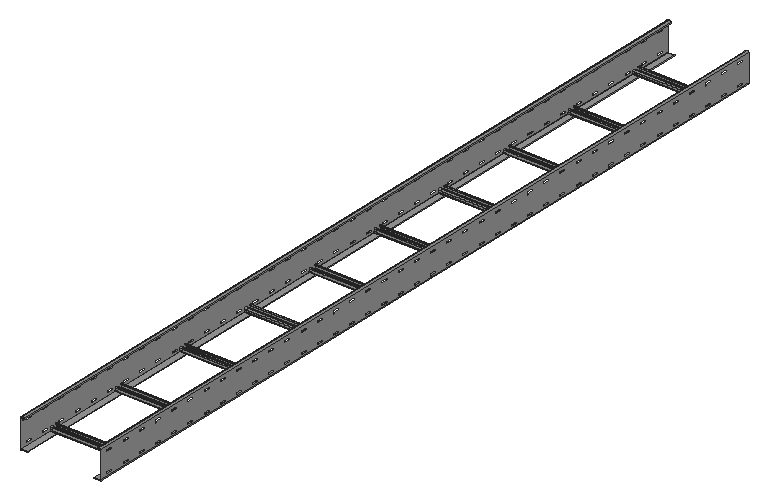
Revit family "Kabelleiter LG 113 VS 3 FT", category Generic Models, Revit 2017
Family settings
  Can host rebar = No
  Round Connector Dimension = Use Diameter
  Part Type = Normal
  Work Plane-Based = No
  Always vertical = Yes
  Cut with Voids When Loaded = No
  Shared = No
  Room Calculation Point = No
Parameters (values of type "LG 113 VS 3 FT")
  Width 1 = Width / 2  # 150 mm
  Width = 300 mm
  URL = "http://www.obo-bettermann.com"
  Material = Hot dip galvanised
  Manufacturer Art.No. = "6216426"
  Manufacturer = "OBO BETTERMANN"
  Length = 3000 mm
  GTIN = "4012195065227"
  Cut's space = 300 mm
  Cut's number 4 = 5
  Cut's number 3 = 40
  Cut's number 2 = 2
  Cut's number = 10
  Article Type = "LG 113 VS 3 FT"
Reference planes
  plane 1 "Center (Front/Back)": y = 0
  plane 2: z = 0
  plane 3 "Center (Left/Right)": x = 0
  plane 4: x = 300
  plane 5: z = 110
  plane 6: z = 104
  plane 7: z = 104
  plane 8: x = 300
  plane 9: x = 150
  plane 10: y = 3000
  plane 11: y = 150
  plane 12: x = 1.375
  plane 13: x = 298.406
  plane 14: y = 450
  plane 15: y = 750
  plane 16: y = 1050
  plane 17: y = 1350
  plane 18: y = 1950
  plane 19: y = 2250
  plane 20: y = 2550
  plane 21: y = 2850
  plane 22: y = 37.5
  plane 23: z = 14
  plane 24: y = 37.5
  plane 25: z = 89
  plane 26: y = 112.5
  plane 27: z = 14
  plane 28: y = 112.5
  plane 29: z = 89
  plane 30: y = 187.5
  plane 31: z = 14
  plane 32: y = 187.5
  plane 33: z = 89
  plane 34: y = 262.5
  plane 35: z = 14
  plane 36: y = 262.5
  plane 37: z = 89
  plane 38: y = 337.5
  plane 39: z = 14
  plane 40: y = 337.5
  plane 41: z = 89
  plane 42: y = 412.5
  plane 43: z = 14
  plane 44: y = 412.5
  plane 45: z = 89
  plane 46: y = 487.5
  plane 47: z = 14
  plane 48: y = 487.5
  plane 49: z = 89
  plane 50: y = 562.5
  plane 51: z = 14
  plane 52: y = 562.5
  plane 53: z = 89
  plane 54: y = 637.5
  plane 55: z = 14
  plane 56: y = 637.5
  plane 57: z = 89
  plane 58: y = 712.5
  plane 59: z = 14
  plane 60: y = 712.5
  plane 61: z = 89
  plane 62: y = 787.5
  plane 63: z = 14
  plane 64: y = 787.5
  plane 65: z = 89
  plane 66: y = 862.5
  plane 67: z = 14
  plane 68: y = 862.5
  plane 69: z = 89
  plane 70: y = 937.5
  plane 71: z = 14
  plane 72: y = 937.5
  plane 73: z = 89
  plane 74: y = 1012.5
  plane 75: z = 14
  plane 76: y = 1012.5
  plane 77: z = 89
  plane 78: y = 1087.5
  plane 79: z = 14
  plane 80: y = 1087.5
  plane 81: z = 89
  plane 82: y = 1162.5
  plane 83: z = 14
  plane 84: y = 1162.5
  plane 85: z = 89
  plane 86: y = 1237.5
  plane 87: z = 14
  plane 88: y = 1237.5
  plane 89: z = 89
  plane 90: y = 1312.5
  plane 91: z = 14
  plane 92: y = 1312.5
  plane 93: z = 89
  plane 94: y = 1387.5
  plane 95: z = 14
  plane 96: y = 1387.5
  plane 97: z = 89
  plane 98: y = 1462.5
  plane 99: z = 14
  plane 100: y = 1462.5
  plane 101: z = 89
  plane 102: y = 1537.5
  plane 103: z = 14
  plane 104: y = 1537.5
  plane 105: z = 89
  plane 106: y = 1612.5
  plane 107: z = 14
  plane 108: y = 1612.5
  plane 109: z = 89
  plane 110: y = 1687.5
  plane 111: z = 14
  plane 112: y = 1687.5
  plane 113: z = 89
  plane 114: y = 1762.5
  plane 115: z = 14
  plane 116: y = 1762.5
  plane 117: z = 89
  plane 118: y = 1837.5
  plane 119: z = 14
  plane 120: y = 1837.5
  plane 121: z = 89
  plane 122: y = 1912.5
  plane 123: z = 14
  plane 124: y = 1912.5
  plane 125: z = 89
  plane 126: y = 1987.5
  plane 127: z = 14
  plane 128: y = 1987.5
  plane 129: z = 89
  plane 130: y = 2062.5
  plane 131: z = 14
  plane 132: y = 2062.5
  plane 133: z = 89
  plane 134: y = 2137.5
  plane 135: z = 14
  plane 136: y = 2137.5
  plane 137: z = 89
  plane 138: y = 2212.5
  plane 139: z = 14
  plane 140: y = 2212.5
  plane 141: z = 89
  plane 142: y = 2287.5
  plane 143: z = 14
  plane 144: y = 2287.5
  plane 145: z = 89
  plane 146: y = 2362.5
  plane 147: z = 14
  plane 148: y = 2362.5
  plane 149: z = 89
  plane 150: y = 2437.5
  plane 151: z = 14
  plane 152: y = 2437.5
  plane 153: z = 89
  plane 154: y = 2512.5
  plane 155: z = 14
  plane 156: y = 2512.5
  plane 157: z = 89
  plane 158: y = 2587.5
  plane 159: z = 14
  plane 160: y = 2587.5
  plane 161: z = 89
  plane 162: y = 2662.5
  plane 163: z = 14
  plane 164: y = 2662.5
  plane 165: z = 89
  plane 166: y = 2737.5
  plane 167: z = 14
  plane 168: y = 2737.5
  plane 169: z = 89
  plane 170: y = 2812.5
  plane 171: z = 14
  plane 172: y = 2812.5
  plane 173: z = 89
  plane 174: y = 2887.5
  plane 175: z = 14
  plane 176: y = 2887.5
  plane 177: z = 89
  plane 178: y = 2962.5
  plane 179: z = 14
  plane 180: y = 2962.5
  plane 181: z = 89
  plane 182: z = 14
  plane 183: y = 37.5
  plane 184: z = 89
  plane 185: y = 37.5
  plane 186: z = 14
  plane 187: y = 112.5
  plane 188: z = 89
  plane 189: y = 112.5
  plane 190: z = 14
  plane 191: y = 187.5
  plane 192: z = 89
  plane 193: y = 187.5
  plane 194: z = 14
  plane 195: y = 262.5
  plane 196: z = 89
  plane 197: y = 262.5
  plane 198: z = 14
  plane 199: y = 337.5
  plane 200: z = 89
  plane 201: y = 337.5
  plane 202: z = 14
  plane 203: y = 412.5
  plane 204: z = 89
  plane 205: y = 412.5
  plane 206: z = 14
  plane 207: y = 487.5
  plane 208: z = 89
  plane 209: y = 487.5
  plane 210: z = 14
  plane 211: y = 562.5
  plane 212: z = 89
  plane 213: y = 562.5
  plane 214: z = 14
  plane 215: y = 637.5
  plane 216: z = 89
  plane 217: y = 637.5
  plane 218: z = 14
  plane 219: y = 712.5
  plane 220: z = 89
  plane 221: y = 712.5
  plane 222: z = 14
  plane 223: y = 787.5
  plane 224: z = 89
  plane 225: y = 787.5
  plane 226: z = 14
  plane 227: y = 862.5
  plane 228: z = 89
  plane 229: y = 862.5
  plane 230: z = 14
  plane 231: y = 937.5
  plane 232: z = 89
  plane 233: y = 937.5
  plane 234: z = 14
  plane 235: y = 1012.5
  plane 236: z = 89
  plane 237: y = 1012.5
  plane 238: z = 14
  plane 239: y = 1087.5
  plane 240: z = 89
  plane 241: y = 1087.5
  plane 242: z = 14
  plane 243: y = 1162.5
  plane 244: z = 89
  plane 245: y = 1162.5
  plane 246: z = 14
  plane 247: y = 1237.5
  plane 248: z = 89
  plane 249: y = 1237.5
  plane 250: z = 14
  plane 251: y = 1312.5
  plane 252: z = 89
  plane 253: y = 1312.5
  plane 254: z = 14
  plane 255: y = 1387.5
  plane 256: z = 89
  plane 257: y = 1387.5
  plane 258: z = 14
  plane 259: y = 1462.5
  plane 260: z = 89
  plane 261: y = 1462.5
  plane 262: z = 14
  plane 263: y = 1537.5
  plane 264: z = 89
  plane 265: y = 1537.5
  plane 266: z = 14
  plane 267: y = 1612.5
  plane 268: z = 89
  plane 269: y = 1612.5
  plane 270: z = 14
  plane 271: y = 1687.5
  plane 272: z = 89
  plane 273: y = 1687.5
  plane 274: z = 14
  plane 275: y = 1762.5
  plane 276: z = 89
  plane 277: y = 1762.5
  plane 278: z = 14
  plane 279: y = 1837.5
  plane 280: z = 89
  plane 281: y = 1837.5
  plane 282: z = 14
  plane 283: y = 1912.5
  plane 284: z = 89
  plane 285: y = 1912.5
  plane 286: z = 14
  plane 287: y = 1987.5
  plane 288: z = 89
  plane 289: y = 1987.5
  plane 290: z = 14
  plane 291: y = 2062.5
  plane 292: z = 89
  plane 293: y = 2062.5
  plane 294: z = 14
  plane 295: y = 2137.5
  plane 296: z = 89
  plane 297: y = 2137.5
  plane 298: z = 14
  plane 299: y = 2212.5
  plane 300: z = 89
  plane 301: y = 2212.5
  plane 302: z = 14
  plane 303: y = 2287.5
  plane 304: z = 89
  plane 305: y = 2287.5
  plane 306: z = 14
  plane 307: y = 2362.5
  plane 308: z = 89
  plane 309: y = 2362.5
  plane 310: z = 14
  plane 311: y = 2437.5
  plane 312: z = 89
  plane 313: y = 2437.5
  plane 314: z = 14
  plane 315: y = 2512.5
  plane 316: z = 89
  plane 317: y = 2512.5
  plane 318: z = 14
  plane 319: y = 2587.5
  plane 320: z = 89
  plane 321: y = 2587.5
  plane 322: z = 14
  plane 323: y = 2662.5
  plane 324: z = 89
  plane 325: y = 2662.5
  plane 326: z = 14
  plane 327: y = 2737.5
  plane 328: z = 89
  plane 329: y = 2737.5
  plane 330: z = 14
  plane 331: y = 2812.5
  plane 332: z = 89
  plane 333: y = 2812.5
  plane 334: z = 14
  plane 335: y = 2887.5
  plane 336: z = 89
  plane 337: y = 2887.5
  plane 338: z = 14
  plane 339: y = 2962.5
  plane 340: z = 89
  plane 341: y = 2962.5
  plane 342: y = 149.981
  plane 343: x = 48.875
  plane 344: y = 149.981
  plane 345: x = 98.875
  plane 346: y = 149.981
  plane 347: x = 148.875
  plane 348: y = 149.981
  plane 349: x = 198.875
  plane 350: y = 149.981
  plane 351: x = 248.875
  plane 352: y = 149.981
  plane 353: x = 48.875
  plane 354: y = 449.981
  plane 355: x = 48.875
  plane 356: y = 449.981
  plane 357: x = 98.875
  plane 358: y = 449.981
  plane 359: x = 148.875
  plane 360: y = 449.981
  plane 361: x = 198.875
  plane 362: y = 449.981
  plane 363: x = 248.875
  plane 364: y = 749.981
  plane 365: x = 48.875
  plane 366: y = 749.981
  plane 367: x = 98.875
  plane 368: y = 749.981
  plane 369: x = 148.875
  plane 370: y = 749.981
  plane 371: x = 198.875
  plane 372: y = 749.981
  plane 373: x = 248.875
  plane 374: y = 1049.981
  plane 375: x = 48.875
  plane 376: y = 1049.981
  plane 377: x = 98.875
  plane 378: y = 1049.981
  plane 379: x = 148.875
  plane 380: y = 1049.981
  plane 381: x = 198.875
  plane 382: y = 1049.981
  plane 383: x = 248.875
  plane 384: y = 1349.981
  plane 385: x = 48.875
  plane 386: y = 1349.981
  plane 387: x = 98.875
  plane 388: y = 1349.981
  plane 389: x = 148.875
  plane 390: y = 1349.981
  plane 391: x = 198.875
  plane 392: y = 1349.981
  plane 393: x = 248.875
  plane 394: y = 1949.981
  plane 395: x = 48.875
  plane 396: y = 1949.981
  plane 397: x = 98.875
  plane 398: y = 1949.981
  plane 399: x = 148.875
  plane 400: y = 1949.981
  plane 401: x = 198.875
  plane 402: y = 1949.981
  plane 403: x = 248.875
  plane 404: y = 2249.981
  plane 405: x = 48.875
  plane 406: y = 2249.981
  plane 407: x = 98.875
  plane 408: y = 2249.981
  plane 409: x = 148.875
  plane 410: y = 2249.981
  plane 411: x = 198.875
  plane 412: y = 2249.981
  plane 413: x = 248.875
  plane 414: y = 2549.981
  plane 415: x = 48.875
  plane 416: y = 2549.981
  plane 417: x = 98.875
  plane 418: y = 2549.981
  plane 419: x = 148.875
  plane 420: y = 2549.981
  plane 421: x = 198.875
  plane 422: y = 2549.981
  plane 423: x = 248.875
  plane 424: y = 2849.981
  plane 425: x = 48.875
  plane 426: y = 2849.981
  plane 427: x = 98.875
  plane 428: y = 2849.981
  plane 429: x = 148.875
  plane 430: y = 2849.981
  plane 431: x = 198.875
  plane 432: y = 2849.981
  plane 433: x = 248.875
  plane 434: y = 1650
  plane 435: y = 1649.981
  plane 436: x = 48.875
  plane 437: y = 1649.981
  plane 438: x = 98.875
  plane 439: y = 1649.981
  plane 440: x = 148.875
  plane 441: y = 1649.981
  plane 442: x = 198.875
  plane 443: y = 1649.981
  plane 444: x = 248.875
Forms (mm)
  Extrusion 1, solid, material "Hot dip galvanised" <- "Material"
    sketch origin (0, 0, 0) x (1, 0, 0) y (0, 0, 1)
      loop
        line (2.5, 0) -> (26.959, 0) -> (26.959, 1.5) -> (2.5, 1.5)
        arc (2.5, 1.5) -> (1.793, 1.793) -> (1.5, 2.5) r 1
        line (1.5, 2.5) -> (1.5, 104)
        arc (1.5, 104) -> (6, 108.5) -> (10.5, 104) r 4.5
        line (10.5, 104) -> (10.5, 101) -> (12, 101) -> (12, 104)
        arc (12, 104) -> (6, 110) -> (0, 104) r 6
        line (0, 104) -> (0, 2.5)
        arc (0, 2.5) -> (0.732, 0.732) -> (2.5, 0) r 2.5
      loop
        line (300, 2.5) -> (300, 104)
        arc (300, 104) -> (294, 110) -> (288, 104) r 6
        line (288, 104) -> (288, 101) -> (289.5, 101) -> (289.5, 104)
        arc (289.5, 104) -> (294, 108.5) -> (298.5, 104) r 4.5
        line (298.5, 104) -> (298.5, 2.5)
        arc (298.5, 2.5) -> (298.207, 1.793) -> (297.5, 1.5) r 1
        line (297.5, 1.5) -> (273, 1.5) -> (273, 0) -> (297.5, 0)
        arc (297.5, 0) -> (299.268, 0.732) -> (300, 2.5) r 2.5
    from 0 to -3000
  Extrusion 2, solid, material "Hot dip galvanised" <- "Material"
    sketch origin (0, 0, 0) x (0, 1, 0) y (0, 0, 1)
      loop
        line (150, 3) -> (138, 3)
        arc (138, 3) -> (136.939, 3.439) -> (136.5, 4.5) r 1.5
        line (136.5, 4.5) -> (136.5, 13.5)
        arc (136.5, 13.5) -> (136.939, 14.561) -> (138, 15) r 1.5
        line (138, 15) -> (141.522, 15) -> (141.522, 16.5) -> (138, 16.5)
        arc (138, 16.5) -> (135.879, 15.621) -> (135, 13.5) r 3
        line (135, 13.5) -> (135, 4.5)
        arc (135, 4.5) -> (135.879, 2.379) -> (138, 1.5) r 3
        line (138, 1.5) -> (150, 1.5) -> (162, 1.5)
        arc (162, 1.5) -> (164.121, 2.379) -> (165, 4.5) r 3
        line (165, 4.5) -> (165, 13.5)
        arc (165, 13.5) -> (164.121, 15.621) -> (162, 16.5) r 3
        line (162, 16.5) -> (158.481, 16.5) -> (158.481, 15) -> (162, 15)
        arc (162, 15) -> (163.061, 14.561) -> (163.5, 13.5) r 1.5
        line (163.5, 13.5) -> (163.5, 4.5)
        arc (163.5, 4.5) -> (163.061, 3.439) -> (162, 3) r 1.5
        line (162, 3) -> (150, 3)
    from 1.375 to 298.406
  Extrusion 3, solid, material "Hot dip galvanised" <- "Material"
    sketch origin (0, 300, 0) x (0, 1, 0) y (0, 0, 1)
      loop
        line (150, 3) -> (138, 3)
        arc (138, 3) -> (136.939, 3.439) -> (136.5, 4.5) r 1.5
        line (136.5, 4.5) -> (136.5, 13.5)
        arc (136.5, 13.5) -> (136.939, 14.561) -> (138, 15) r 1.5
        line (138, 15) -> (141.522, 15) -> (141.522, 16.5) -> (138, 16.5)
        arc (138, 16.5) -> (135.879, 15.621) -> (135, 13.5) r 3
        line (135, 13.5) -> (135, 4.5)
        arc (135, 4.5) -> (135.879, 2.379) -> (138, 1.5) r 3
        line (138, 1.5) -> (150, 1.5) -> (162, 1.5)
        arc (162, 1.5) -> (164.121, 2.379) -> (165, 4.5) r 3
        line (165, 4.5) -> (165, 13.5)
        arc (165, 13.5) -> (164.121, 15.621) -> (162, 16.5) r 3
        line (162, 16.5) -> (158.481, 16.5) -> (158.481, 15) -> (162, 15)
        arc (162, 15) -> (163.061, 14.561) -> (163.5, 13.5) r 1.5
        line (163.5, 13.5) -> (163.5, 4.5)
        arc (163.5, 4.5) -> (163.061, 3.439) -> (162, 3) r 1.5
        line (162, 3) -> (150, 3)
    from 1.375 to 298.406
  Extrusion 4, solid, material "Hot dip galvanised" <- "Material"
    sketch origin (0, 600, 0) x (0, 1, 0) y (0, 0, 1)
      loop
        line (150, 3) -> (138, 3)
        arc (138, 3) -> (136.939, 3.439) -> (136.5, 4.5) r 1.5
        line (136.5, 4.5) -> (136.5, 13.5)
        arc (136.5, 13.5) -> (136.939, 14.561) -> (138, 15) r 1.5
        line (138, 15) -> (141.522, 15) -> (141.522, 16.5) -> (138, 16.5)
        arc (138, 16.5) -> (135.879, 15.621) -> (135, 13.5) r 3
        line (135, 13.5) -> (135, 4.5)
        arc (135, 4.5) -> (135.879, 2.379) -> (138, 1.5) r 3
        line (138, 1.5) -> (150, 1.5) -> (162, 1.5)
        arc (162, 1.5) -> (164.121, 2.379) -> (165, 4.5) r 3
        line (165, 4.5) -> (165, 13.5)
        arc (165, 13.5) -> (164.121, 15.621) -> (162, 16.5) r 3
        line (162, 16.5) -> (158.481, 16.5) -> (158.481, 15) -> (162, 15)
        arc (162, 15) -> (163.061, 14.561) -> (163.5, 13.5) r 1.5
        line (163.5, 13.5) -> (163.5, 4.5)
        arc (163.5, 4.5) -> (163.061, 3.439) -> (162, 3) r 1.5
        line (162, 3) -> (150, 3)
    from 1.375 to 298.406
  Extrusion 5, solid, material "Hot dip galvanised" <- "Material"
    sketch origin (0, 900, 0) x (0, 1, 0) y (0, 0, 1)
      loop
        line (150, 3) -> (138, 3)
        arc (138, 3) -> (136.939, 3.439) -> (136.5, 4.5) r 1.5
        line (136.5, 4.5) -> (136.5, 13.5)
        arc (136.5, 13.5) -> (136.939, 14.561) -> (138, 15) r 1.5
        line (138, 15) -> (141.522, 15) -> (141.522, 16.5) -> (138, 16.5)
        arc (138, 16.5) -> (135.879, 15.621) -> (135, 13.5) r 3
        line (135, 13.5) -> (135, 4.5)
        arc (135, 4.5) -> (135.879, 2.379) -> (138, 1.5) r 3
        line (138, 1.5) -> (150, 1.5) -> (162, 1.5)
        arc (162, 1.5) -> (164.121, 2.379) -> (165, 4.5) r 3
        line (165, 4.5) -> (165, 13.5)
        arc (165, 13.5) -> (164.121, 15.621) -> (162, 16.5) r 3
        line (162, 16.5) -> (158.481, 16.5) -> (158.481, 15) -> (162, 15)
        arc (162, 15) -> (163.061, 14.561) -> (163.5, 13.5) r 1.5
        line (163.5, 13.5) -> (163.5, 4.5)
        arc (163.5, 4.5) -> (163.061, 3.439) -> (162, 3) r 1.5
        line (162, 3) -> (150, 3)
    from 1.375 to 298.406
  Extrusion 6, solid, material "Hot dip galvanised" <- "Material"
    sketch origin (0, 1200, 0) x (0, 1, 0) y (0, 0, 1)
      loop
        line (150, 3) -> (138, 3)
        arc (138, 3) -> (136.939, 3.439) -> (136.5, 4.5) r 1.5
        line (136.5, 4.5) -> (136.5, 13.5)
        arc (136.5, 13.5) -> (136.939, 14.561) -> (138, 15) r 1.5
        line (138, 15) -> (141.522, 15) -> (141.522, 16.5) -> (138, 16.5)
        arc (138, 16.5) -> (135.879, 15.621) -> (135, 13.5) r 3
        line (135, 13.5) -> (135, 4.5)
        arc (135, 4.5) -> (135.879, 2.379) -> (138, 1.5) r 3
        line (138, 1.5) -> (150, 1.5) -> (162, 1.5)
        arc (162, 1.5) -> (164.121, 2.379) -> (165, 4.5) r 3
        line (165, 4.5) -> (165, 13.5)
        arc (165, 13.5) -> (164.121, 15.621) -> (162, 16.5) r 3
        line (162, 16.5) -> (158.481, 16.5) -> (158.481, 15) -> (162, 15)
        arc (162, 15) -> (163.061, 14.561) -> (163.5, 13.5) r 1.5
        line (163.5, 13.5) -> (163.5, 4.5)
        arc (163.5, 4.5) -> (163.061, 3.439) -> (162, 3) r 1.5
        line (162, 3) -> (150, 3)
    from 1.375 to 298.406
  Extrusion 7, solid, material "Hot dip galvanised" <- "Material"
    sketch origin (0, 1800, 0) x (0, 1, 0) y (0, 0, 1)
      loop
        line (150, 3) -> (138, 3)
        arc (138, 3) -> (136.939, 3.439) -> (136.5, 4.5) r 1.5
        line (136.5, 4.5) -> (136.5, 13.5)
        arc (136.5, 13.5) -> (136.939, 14.561) -> (138, 15) r 1.5
        line (138, 15) -> (141.522, 15) -> (141.522, 16.5) -> (138, 16.5)
        arc (138, 16.5) -> (135.879, 15.621) -> (135, 13.5) r 3
        line (135, 13.5) -> (135, 4.5)
        arc (135, 4.5) -> (135.879, 2.379) -> (138, 1.5) r 3
        line (138, 1.5) -> (150, 1.5) -> (162, 1.5)
        arc (162, 1.5) -> (164.121, 2.379) -> (165, 4.5) r 3
        line (165, 4.5) -> (165, 13.5)
        arc (165, 13.5) -> (164.121, 15.621) -> (162, 16.5) r 3
        line (162, 16.5) -> (158.481, 16.5) -> (158.481, 15) -> (162, 15)
        arc (162, 15) -> (163.061, 14.561) -> (163.5, 13.5) r 1.5
        line (163.5, 13.5) -> (163.5, 4.5)
        arc (163.5, 4.5) -> (163.061, 3.439) -> (162, 3) r 1.5
        line (162, 3) -> (150, 3)
    from 1.375 to 298.406
  Extrusion 8, solid, material "Hot dip galvanised" <- "Material"
    sketch origin (0, 2100, 0) x (0, 1, 0) y (0, 0, 1)
      loop
        line (150, 3) -> (138, 3)
        arc (138, 3) -> (136.939, 3.439) -> (136.5, 4.5) r 1.5
        line (136.5, 4.5) -> (136.5, 13.5)
        arc (136.5, 13.5) -> (136.939, 14.561) -> (138, 15) r 1.5
        line (138, 15) -> (141.522, 15) -> (141.522, 16.5) -> (138, 16.5)
        arc (138, 16.5) -> (135.879, 15.621) -> (135, 13.5) r 3
        line (135, 13.5) -> (135, 4.5)
        arc (135, 4.5) -> (135.879, 2.379) -> (138, 1.5) r 3
        line (138, 1.5) -> (150, 1.5) -> (162, 1.5)
        arc (162, 1.5) -> (164.121, 2.379) -> (165, 4.5) r 3
        line (165, 4.5) -> (165, 13.5)
        arc (165, 13.5) -> (164.121, 15.621) -> (162, 16.5) r 3
        line (162, 16.5) -> (158.481, 16.5) -> (158.481, 15) -> (162, 15)
        arc (162, 15) -> (163.061, 14.561) -> (163.5, 13.5) r 1.5
        line (163.5, 13.5) -> (163.5, 4.5)
        arc (163.5, 4.5) -> (163.061, 3.439) -> (162, 3) r 1.5
        line (162, 3) -> (150, 3)
    from 1.375 to 298.406
  Extrusion 9, solid, material "Hot dip galvanised" <- "Material"
    sketch origin (0, 2400, 0) x (0, 1, 0) y (0, 0, 1)
      loop
        line (150, 3) -> (138, 3)
        arc (138, 3) -> (136.939, 3.439) -> (136.5, 4.5) r 1.5
        line (136.5, 4.5) -> (136.5, 13.5)
        arc (136.5, 13.5) -> (136.939, 14.561) -> (138, 15) r 1.5
        line (138, 15) -> (141.522, 15) -> (141.522, 16.5) -> (138, 16.5)
        arc (138, 16.5) -> (135.879, 15.621) -> (135, 13.5) r 3
        line (135, 13.5) -> (135, 4.5)
        arc (135, 4.5) -> (135.879, 2.379) -> (138, 1.5) r 3
        line (138, 1.5) -> (150, 1.5) -> (162, 1.5)
        arc (162, 1.5) -> (164.121, 2.379) -> (165, 4.5) r 3
        line (165, 4.5) -> (165, 13.5)
        arc (165, 13.5) -> (164.121, 15.621) -> (162, 16.5) r 3
        line (162, 16.5) -> (158.481, 16.5) -> (158.481, 15) -> (162, 15)
        arc (162, 15) -> (163.061, 14.561) -> (163.5, 13.5) r 1.5
        line (163.5, 13.5) -> (163.5, 4.5)
        arc (163.5, 4.5) -> (163.061, 3.439) -> (162, 3) r 1.5
        line (162, 3) -> (150, 3)
    from 1.375 to 298.406
  Extrusion 10, solid, material "Hot dip galvanised" <- "Material"
    sketch origin (0, 2700, 0) x (0, 1, 0) y (0, 0, 1)
      loop
        line (150, 3) -> (138, 3)
        arc (138, 3) -> (136.939, 3.439) -> (136.5, 4.5) r 1.5
        line (136.5, 4.5) -> (136.5, 13.5)
        arc (136.5, 13.5) -> (136.939, 14.561) -> (138, 15) r 1.5
        line (138, 15) -> (141.522, 15) -> (141.522, 16.5) -> (138, 16.5)
        arc (138, 16.5) -> (135.879, 15.621) -> (135, 13.5) r 3
        line (135, 13.5) -> (135, 4.5)
        arc (135, 4.5) -> (135.879, 2.379) -> (138, 1.5) r 3
        line (138, 1.5) -> (150, 1.5) -> (162, 1.5)
        arc (162, 1.5) -> (164.121, 2.379) -> (165, 4.5) r 3
        line (165, 4.5) -> (165, 13.5)
        arc (165, 13.5) -> (164.121, 15.621) -> (162, 16.5) r 3
        line (162, 16.5) -> (158.481, 16.5) -> (158.481, 15) -> (162, 15)
        arc (162, 15) -> (163.061, 14.561) -> (163.5, 13.5) r 1.5
        line (163.5, 13.5) -> (163.5, 4.5)
        arc (163.5, 4.5) -> (163.061, 3.439) -> (162, 3) r 1.5
        line (162, 3) -> (150, 3)
    from 1.375 to 298.406
  Extrusion 11, void
    sketch origin (0, 0, 0) x (0, 1, 0) y (0, 0, 1)
      loop
        line (23.5, 18.5) -> (23.5, 9.5) -> (51.5, 9.5) -> (51.5, 18.5) -> (23.5, 18.5)
    from 0 to 1.5
  Extrusion 12, void
    sketch origin (0, 0, 75) x (0, 1, 0) y (0, 0, 1)
      loop
        line (23.5, 18.5) -> (23.5, 9.5) -> (51.5, 9.5) -> (51.5, 18.5) -> (23.5, 18.5)
    from 0 to 1.5
  Extrusion 13, void
    sketch origin (0, 75, 0) x (0, 1, 0) y (0, 0, 1)
      loop
        line (23.5, 18.5) -> (23.5, 9.5) -> (51.5, 9.5) -> (51.5, 18.5) -> (23.5, 18.5)
    from 0 to 1.5
  Extrusion 14, void
    sketch origin (0, 75, 75) x (0, 1, 0) y (0, 0, 1)
      loop
        line (23.5, 18.5) -> (23.5, 9.5) -> (51.5, 9.5) -> (51.5, 18.5) -> (23.5, 18.5)
    from 0 to 1.5
  Extrusion 15, void
    sketch origin (0, 150, 0) x (0, 1, 0) y (0, 0, 1)
      loop
        line (23.5, 18.5) -> (23.5, 9.5) -> (51.5, 9.5) -> (51.5, 18.5) -> (23.5, 18.5)
    from 0 to 1.5
  Extrusion 16, void
    sketch origin (0, 150, 75) x (0, 1, 0) y (0, 0, 1)
      loop
        line (23.5, 18.5) -> (23.5, 9.5) -> (51.5, 9.5) -> (51.5, 18.5) -> (23.5, 18.5)
    from 0 to 1.5
  Extrusion 17, void
    sketch origin (0, 225, 0) x (0, 1, 0) y (0, 0, 1)
      loop
        line (23.5, 18.5) -> (23.5, 9.5) -> (51.5, 9.5) -> (51.5, 18.5) -> (23.5, 18.5)
    from 0 to 1.5
  Extrusion 18, void
    sketch origin (0, 225, 75) x (0, 1, 0) y (0, 0, 1)
      loop
        line (23.5, 18.5) -> (23.5, 9.5) -> (51.5, 9.5) -> (51.5, 18.5) -> (23.5, 18.5)
    from 0 to 1.5
  Extrusion 19, void
    sketch origin (0, 300, 0) x (0, 1, 0) y (0, 0, 1)
      loop
        line (23.5, 18.5) -> (23.5, 9.5) -> (51.5, 9.5) -> (51.5, 18.5) -> (23.5, 18.5)
    from 0 to 1.5
  Extrusion 20, void
    sketch origin (0, 300, 75) x (0, 1, 0) y (0, 0, 1)
      loop
        line (23.5, 18.5) -> (23.5, 9.5) -> (51.5, 9.5) -> (51.5, 18.5) -> (23.5, 18.5)
    from 0 to 1.5
  Extrusion 21, void
    sketch origin (0, 375, 0) x (0, 1, 0) y (0, 0, 1)
      loop
        line (23.5, 18.5) -> (23.5, 9.5) -> (51.5, 9.5) -> (51.5, 18.5) -> (23.5, 18.5)
    from 0 to 1.5
  Extrusion 22, void
    sketch origin (0, 375, 75) x (0, 1, 0) y (0, 0, 1)
      loop
        line (23.5, 18.5) -> (23.5, 9.5) -> (51.5, 9.5) -> (51.5, 18.5) -> (23.5, 18.5)
    from 0 to 1.5
  Extrusion 23, void
    sketch origin (0, 450, 0) x (0, 1, 0) y (0, 0, 1)
      loop
        line (23.5, 18.5) -> (23.5, 9.5) -> (51.5, 9.5) -> (51.5, 18.5) -> (23.5, 18.5)
    from 0 to 1.5
  Extrusion 24, void
    sketch origin (0, 450, 75) x (0, 1, 0) y (0, 0, 1)
      loop
        line (23.5, 18.5) -> (23.5, 9.5) -> (51.5, 9.5) -> (51.5, 18.5) -> (23.5, 18.5)
    from 0 to 1.5
  Extrusion 25, void
    sketch origin (0, 525, 0) x (0, 1, 0) y (0, 0, 1)
      loop
        line (23.5, 18.5) -> (23.5, 9.5) -> (51.5, 9.5) -> (51.5, 18.5) -> (23.5, 18.5)
    from 0 to 1.5
  Extrusion 26, void
    sketch origin (0, 525, 75) x (0, 1, 0) y (0, 0, 1)
      loop
        line (23.5, 18.5) -> (23.5, 9.5) -> (51.5, 9.5) -> (51.5, 18.5) -> (23.5, 18.5)
    from 0 to 1.5
  Extrusion 27, void
    sketch origin (0, 600, 0) x (0, 1, 0) y (0, 0, 1)
      loop
        line (23.5, 18.5) -> (23.5, 9.5) -> (51.5, 9.5) -> (51.5, 18.5) -> (23.5, 18.5)
    from 0 to 1.5
  Extrusion 28, void
    sketch origin (0, 600, 75) x (0, 1, 0) y (0, 0, 1)
      loop
        line (23.5, 18.5) -> (23.5, 9.5) -> (51.5, 9.5) -> (51.5, 18.5) -> (23.5, 18.5)
    from 0 to 1.5
  Extrusion 29, void
    sketch origin (0, 675, 0) x (0, 1, 0) y (0, 0, 1)
      loop
        line (23.5, 18.5) -> (23.5, 9.5) -> (51.5, 9.5) -> (51.5, 18.5) -> (23.5, 18.5)
    from 0 to 1.5
  Extrusion 30, void
    sketch origin (0, 675, 75) x (0, 1, 0) y (0, 0, 1)
      loop
        line (23.5, 18.5) -> (23.5, 9.5) -> (51.5, 9.5) -> (51.5, 18.5) -> (23.5, 18.5)
    from 0 to 1.5
  Extrusion 31, void
    sketch origin (0, 750, 0) x (0, 1, 0) y (0, 0, 1)
      loop
        line (23.5, 18.5) -> (23.5, 9.5) -> (51.5, 9.5) -> (51.5, 18.5) -> (23.5, 18.5)
    from 0 to 1.5
  Extrusion 32, void
    sketch origin (0, 750, 75) x (0, 1, 0) y (0, 0, 1)
      loop
        line (23.5, 18.5) -> (23.5, 9.5) -> (51.5, 9.5) -> (51.5, 18.5) -> (23.5, 18.5)
    from 0 to 1.5
  Extrusion 33, void
    sketch origin (0, 825, 0) x (0, 1, 0) y (0, 0, 1)
      loop
        line (23.5, 18.5) -> (23.5, 9.5) -> (51.5, 9.5) -> (51.5, 18.5) -> (23.5, 18.5)
    from 0 to 1.5
  Extrusion 34, void
    sketch origin (0, 825, 75) x (0, 1, 0) y (0, 0, 1)
      loop
        line (23.5, 18.5) -> (23.5, 9.5) -> (51.5, 9.5) -> (51.5, 18.5) -> (23.5, 18.5)
    from 0 to 1.5
  Extrusion 35, void
    sketch origin (0, 900, 0) x (0, 1, 0) y (0, 0, 1)
      loop
        line (23.5, 18.5) -> (23.5, 9.5) -> (51.5, 9.5) -> (51.5, 18.5) -> (23.5, 18.5)
    from 0 to 1.5
  Extrusion 36, void
    sketch origin (0, 900, 75) x (0, 1, 0) y (0, 0, 1)
      loop
        line (23.5, 18.5) -> (23.5, 9.5) -> (51.5, 9.5) -> (51.5, 18.5) -> (23.5, 18.5)
    from 0 to 1.5
  Extrusion 37, void
    sketch origin (0, 975, 0) x (0, 1, 0) y (0, 0, 1)
      loop
        line (23.5, 18.5) -> (23.5, 9.5) -> (51.5, 9.5) -> (51.5, 18.5) -> (23.5, 18.5)
    from 0 to 1.5
  Extrusion 38, void
    sketch origin (0, 975, 75) x (0, 1, 0) y (0, 0, 1)
      loop
        line (23.5, 18.5) -> (23.5, 9.5) -> (51.5, 9.5) -> (51.5, 18.5) -> (23.5, 18.5)
    from 0 to 1.5
  Extrusion 39, void
    sketch origin (0, 1050, 0) x (0, 1, 0) y (0, 0, 1)
      loop
        line (23.5, 18.5) -> (23.5, 9.5) -> (51.5, 9.5) -> (51.5, 18.5) -> (23.5, 18.5)
    from 0 to 1.5
  Extrusion 40, void
    sketch origin (0, 1050, 75) x (0, 1, 0) y (0, 0, 1)
      loop
        line (23.5, 18.5) -> (23.5, 9.5) -> (51.5, 9.5) -> (51.5, 18.5) -> (23.5, 18.5)
    from 0 to 1.5
  Extrusion 41, void
    sketch origin (0, 1125, 0) x (0, 1, 0) y (0, 0, 1)
      loop
        line (23.5, 18.5) -> (23.5, 9.5) -> (51.5, 9.5) -> (51.5, 18.5) -> (23.5, 18.5)
    from 0 to 1.5
  Extrusion 42, void
    sketch origin (0, 1125, 75) x (0, 1, 0) y (0, 0, 1)
      loop
        line (23.5, 18.5) -> (23.5, 9.5) -> (51.5, 9.5) -> (51.5, 18.5) -> (23.5, 18.5)
    from 0 to 1.5
  Extrusion 43, void
    sketch origin (0, 1200, 0) x (0, 1, 0) y (0, 0, 1)
      loop
        line (23.5, 18.5) -> (23.5, 9.5) -> (51.5, 9.5) -> (51.5, 18.5) -> (23.5, 18.5)
    from 0 to 1.5
  Extrusion 44, void
    sketch origin (0, 1200, 75) x (0, 1, 0) y (0, 0, 1)
      loop
        line (23.5, 18.5) -> (23.5, 9.5) -> (51.5, 9.5) -> (51.5, 18.5) -> (23.5, 18.5)
    from 0 to 1.5
  Extrusion 45, void
    sketch origin (0, 1275, 0) x (0, 1, 0) y (0, 0, 1)
      loop
        line (23.5, 18.5) -> (23.5, 9.5) -> (51.5, 9.5) -> (51.5, 18.5) -> (23.5, 18.5)
    from 0 to 1.5
  Extrusion 46, void
    sketch origin (0, 1275, 75) x (0, 1, 0) y (0, 0, 1)
      loop
        line (23.5, 18.5) -> (23.5, 9.5) -> (51.5, 9.5) -> (51.5, 18.5) -> (23.5, 18.5)
    from 0 to 1.5
  Extrusion 47, void
    sketch origin (0, 1350, 0) x (0, 1, 0) y (0, 0, 1)
      loop
        line (23.5, 18.5) -> (23.5, 9.5) -> (51.5, 9.5) -> (51.5, 18.5) -> (23.5, 18.5)
    from 0 to 1.5
  Extrusion 48, void
    sketch origin (0, 1350, 75) x (0, 1, 0) y (0, 0, 1)
      loop
        line (23.5, 18.5) -> (23.5, 9.5) -> (51.5, 9.5) -> (51.5, 18.5) -> (23.5, 18.5)
    from 0 to 1.5
  Extrusion 49, void
    sketch origin (0, 1425, 0) x (0, 1, 0) y (0, 0, 1)
      loop
        line (23.5, 18.5) -> (23.5, 9.5) -> (51.5, 9.5) -> (51.5, 18.5) -> (23.5, 18.5)
    from 0 to 1.5
  Extrusion 50, void
    sketch origin (0, 1425, 75) x (0, 1, 0) y (0, 0, 1)
      loop
        line (23.5, 18.5) -> (23.5, 9.5) -> (51.5, 9.5) -> (51.5, 18.5) -> (23.5, 18.5)
    from 0 to 1.5
  Extrusion 51, void
    sketch origin (0, 1500, 0) x (0, 1, 0) y (0, 0, 1)
      loop
        line (23.5, 18.5) -> (23.5, 9.5) -> (51.5, 9.5) -> (51.5, 18.5) -> (23.5, 18.5)
    from 0 to 1.5
  Extrusion 52, void
    sketch origin (0, 1500, 75) x (0, 1, 0) y (0, 0, 1)
      loop
        line (23.5, 18.5) -> (23.5, 9.5) -> (51.5, 9.5) -> (51.5, 18.5) -> (23.5, 18.5)
    from 0 to 1.5
  Extrusion 53, void
    sketch origin (0, 1575, 0) x (0, 1, 0) y (0, 0, 1)
      loop
        line (23.5, 18.5) -> (23.5, 9.5) -> (51.5, 9.5) -> (51.5, 18.5) -> (23.5, 18.5)
    from 0 to 1.5
  Extrusion 54, void
    sketch origin (0, 1575, 75) x (0, 1, 0) y (0, 0, 1)
      loop
        line (23.5, 18.5) -> (23.5, 9.5) -> (51.5, 9.5) -> (51.5, 18.5) -> (23.5, 18.5)
    from 0 to 1.5
  Extrusion 55, void
    sketch origin (0, 1650, 0) x (0, 1, 0) y (0, 0, 1)
      loop
        line (23.5, 18.5) -> (23.5, 9.5) -> (51.5, 9.5) -> (51.5, 18.5) -> (23.5, 18.5)
    from 0 to 1.5
  Extrusion 56, void
    sketch origin (0, 1650, 75) x (0, 1, 0) y (0, 0, 1)
      loop
        line (23.5, 18.5) -> (23.5, 9.5) -> (51.5, 9.5) -> (51.5, 18.5) -> (23.5, 18.5)
    from 0 to 1.5
  Extrusion 57, void
    sketch origin (0, 1725, 0) x (0, 1, 0) y (0, 0, 1)
      loop
        line (23.5, 18.5) -> (23.5, 9.5) -> (51.5, 9.5) -> (51.5, 18.5) -> (23.5, 18.5)
    from 0 to 1.5
  Extrusion 58, void
    sketch origin (0, 1725, 75) x (0, 1, 0) y (0, 0, 1)
      loop
        line (23.5, 18.5) -> (23.5, 9.5) -> (51.5, 9.5) -> (51.5, 18.5) -> (23.5, 18.5)
    from 0 to 1.5
  Extrusion 59, void
    sketch origin (0, 1800, 0) x (0, 1, 0) y (0, 0, 1)
      loop
        line (23.5, 18.5) -> (23.5, 9.5) -> (51.5, 9.5) -> (51.5, 18.5) -> (23.5, 18.5)
    from 0 to 1.5
  Extrusion 60, void
    sketch origin (0, 1800, 75) x (0, 1, 0) y (0, 0, 1)
      loop
        line (23.5, 18.5) -> (23.5, 9.5) -> (51.5, 9.5) -> (51.5, 18.5) -> (23.5, 18.5)
    from 0 to 1.5
  Extrusion 61, void
    sketch origin (0, 1875, 0) x (0, 1, 0) y (0, 0, 1)
      loop
        line (23.5, 18.5) -> (23.5, 9.5) -> (51.5, 9.5) -> (51.5, 18.5) -> (23.5, 18.5)
    from 0 to 1.5
  Extrusion 62, void
    sketch origin (0, 1875, 75) x (0, 1, 0) y (0, 0, 1)
      loop
        line (23.5, 18.5) -> (23.5, 9.5) -> (51.5, 9.5) -> (51.5, 18.5) -> (23.5, 18.5)
    from 0 to 1.5
  Extrusion 63, void
    sketch origin (0, 1950, 0) x (0, 1, 0) y (0, 0, 1)
      loop
        line (23.5, 18.5) -> (23.5, 9.5) -> (51.5, 9.5) -> (51.5, 18.5) -> (23.5, 18.5)
    from 0 to 1.5
  Extrusion 64, void
    sketch origin (0, 1950, 75) x (0, 1, 0) y (0, 0, 1)
      loop
        line (23.5, 18.5) -> (23.5, 9.5) -> (51.5, 9.5) -> (51.5, 18.5) -> (23.5, 18.5)
    from 0 to 1.5
  Extrusion 65, void
    sketch origin (0, 2025, 0) x (0, 1, 0) y (0, 0, 1)
      loop
        line (23.5, 18.5) -> (23.5, 9.5) -> (51.5, 9.5) -> (51.5, 18.5) -> (23.5, 18.5)
    from 0 to 1.5
  Extrusion 66, void
    sketch origin (0, 2025, 75) x (0, 1, 0) y (0, 0, 1)
      loop
        line (23.5, 18.5) -> (23.5, 9.5) -> (51.5, 9.5) -> (51.5, 18.5) -> (23.5, 18.5)
    from 0 to 1.5
  Extrusion 67, void
    sketch origin (0, 2100, 0) x (0, 1, 0) y (0, 0, 1)
      loop
        line (23.5, 18.5) -> (23.5, 9.5) -> (51.5, 9.5) -> (51.5, 18.5) -> (23.5, 18.5)
    from 0 to 1.5
  Extrusion 68, void
    sketch origin (0, 2100, 75) x (0, 1, 0) y (0, 0, 1)
      loop
        line (23.5, 18.5) -> (23.5, 9.5) -> (51.5, 9.5) -> (51.5, 18.5) -> (23.5, 18.5)
    from 0 to 1.5
  Extrusion 69, void
    sketch origin (0, 2175, 0) x (0, 1, 0) y (0, 0, 1)
      loop
        line (23.5, 18.5) -> (23.5, 9.5) -> (51.5, 9.5) -> (51.5, 18.5) -> (23.5, 18.5)
    from 0 to 1.5
  Extrusion 70, void
    sketch origin (0, 2175, 75) x (0, 1, 0) y (0, 0, 1)
      loop
        line (23.5, 18.5) -> (23.5, 9.5) -> (51.5, 9.5) -> (51.5, 18.5) -> (23.5, 18.5)
    from 0 to 1.5
  Extrusion 71, void
    sketch origin (0, 2250, 0) x (0, 1, 0) y (0, 0, 1)
      loop
        line (23.5, 18.5) -> (23.5, 9.5) -> (51.5, 9.5) -> (51.5, 18.5) -> (23.5, 18.5)
    from 0 to 1.5
  Extrusion 72, void
    sketch origin (0, 2250, 75) x (0, 1, 0) y (0, 0, 1)
      loop
        line (23.5, 18.5) -> (23.5, 9.5) -> (51.5, 9.5) -> (51.5, 18.5) -> (23.5, 18.5)
    from 0 to 1.5
  Extrusion 73, void
    sketch origin (0, 2325, 0) x (0, 1, 0) y (0, 0, 1)
      loop
        line (23.5, 18.5) -> (23.5, 9.5) -> (51.5, 9.5) -> (51.5, 18.5) -> (23.5, 18.5)
    from 0 to 1.5
  Extrusion 74, void
    sketch origin (0, 2325, 75) x (0, 1, 0) y (0, 0, 1)
      loop
        line (23.5, 18.5) -> (23.5, 9.5) -> (51.5, 9.5) -> (51.5, 18.5) -> (23.5, 18.5)
    from 0 to 1.5
  Extrusion 75, void
    sketch origin (0, 2400, 0) x (0, 1, 0) y (0, 0, 1)
      loop
        line (23.5, 18.5) -> (23.5, 9.5) -> (51.5, 9.5) -> (51.5, 18.5) -> (23.5, 18.5)
    from 0 to 1.5
  Extrusion 76, void
    sketch origin (0, 2400, 75) x (0, 1, 0) y (0, 0, 1)
      loop
        line (23.5, 18.5) -> (23.5, 9.5) -> (51.5, 9.5) -> (51.5, 18.5) -> (23.5, 18.5)
    from 0 to 1.5
  Extrusion 77, void
    sketch origin (0, 2475, 0) x (0, 1, 0) y (0, 0, 1)
      loop
        line (23.5, 18.5) -> (23.5, 9.5) -> (51.5, 9.5) -> (51.5, 18.5) -> (23.5, 18.5)
    from 0 to 1.5
  Extrusion 78, void
    sketch origin (0, 2475, 75) x (0, 1, 0) y (0, 0, 1)
      loop
        line (23.5, 18.5) -> (23.5, 9.5) -> (51.5, 9.5) -> (51.5, 18.5) -> (23.5, 18.5)
    from 0 to 1.5
  Extrusion 79, void
    sketch origin (0, 2550, 0) x (0, 1, 0) y (0, 0, 1)
      loop
        line (23.5, 18.5) -> (23.5, 9.5) -> (51.5, 9.5) -> (51.5, 18.5) -> (23.5, 18.5)
    from 0 to 1.5
  Extrusion 80, void
    sketch origin (0, 2550, 75) x (0, 1, 0) y (0, 0, 1)
      loop
        line (23.5, 18.5) -> (23.5, 9.5) -> (51.5, 9.5) -> (51.5, 18.5) -> (23.5, 18.5)
    from 0 to 1.5
  Extrusion 81, void
    sketch origin (0, 2625, 0) x (0, 1, 0) y (0, 0, 1)
      loop
        line (23.5, 18.5) -> (23.5, 9.5) -> (51.5, 9.5) -> (51.5, 18.5) -> (23.5, 18.5)
    from 0 to 1.5
  Extrusion 82, void
    sketch origin (0, 2625, 75) x (0, 1, 0) y (0, 0, 1)
      loop
        line (23.5, 18.5) -> (23.5, 9.5) -> (51.5, 9.5) -> (51.5, 18.5) -> (23.5, 18.5)
    from 0 to 1.5
  Extrusion 83, void
    sketch origin (0, 2700, 0) x (0, 1, 0) y (0, 0, 1)
      loop
        line (23.5, 18.5) -> (23.5, 9.5) -> (51.5, 9.5) -> (51.5, 18.5) -> (23.5, 18.5)
    from 0 to 1.5
  Extrusion 84, void
    sketch origin (0, 2700, 75) x (0, 1, 0) y (0, 0, 1)
      loop
        line (23.5, 18.5) -> (23.5, 9.5) -> (51.5, 9.5) -> (51.5, 18.5) -> (23.5, 18.5)
    from 0 to 1.5
  Extrusion 85, void
    sketch origin (0, 2775, 0) x (0, 1, 0) y (0, 0, 1)
      loop
        line (23.5, 18.5) -> (23.5, 9.5) -> (51.5, 9.5) -> (51.5, 18.5) -> (23.5, 18.5)
    from 0 to 1.5
  Extrusion 86, void
    sketch origin (0, 2775, 75) x (0, 1, 0) y (0, 0, 1)
      loop
        line (23.5, 18.5) -> (23.5, 9.5) -> (51.5, 9.5) -> (51.5, 18.5) -> (23.5, 18.5)
    from 0 to 1.5
  Extrusion 87, void
    sketch origin (0, 2850, 0) x (0, 1, 0) y (0, 0, 1)
      loop
        line (23.5, 18.5) -> (23.5, 9.5) -> (51.5, 9.5) -> (51.5, 18.5) -> (23.5, 18.5)
    from 0 to 1.5
  Extrusion 88, void
    sketch origin (0, 2850, 75) x (0, 1, 0) y (0, 0, 1)
      loop
        line (23.5, 18.5) -> (23.5, 9.5) -> (51.5, 9.5) -> (51.5, 18.5) -> (23.5, 18.5)
    from 0 to 1.5
  Extrusion 89, void
    sketch origin (0, 2925, 0) x (0, 1, 0) y (0, 0, 1)
      loop
        line (23.5, 18.5) -> (23.5, 9.5) -> (51.5, 9.5) -> (51.5, 18.5) -> (23.5, 18.5)
    from 0 to 1.5
  Extrusion 90, void
    sketch origin (0, 2925, 75) x (0, 1, 0) y (0, 0, 1)
      loop
        line (23.5, 18.5) -> (23.5, 9.5) -> (51.5, 9.5) -> (51.5, 18.5) -> (23.5, 18.5)
    from 0 to 1.5
  Extrusion 91, void
    sketch origin (0, 0, 0) x (0, 1, 0) y (0, 0, 1)
      loop
        line (23.5, 18.5) -> (23.5, 9.5) -> (51.5, 9.5) -> (51.5, 18.5) -> (23.5, 18.5)
    from 298.5 to 300
  Extrusion 92, void
    sketch origin (0, 0, 75) x (0, 1, 0) y (0, 0, 1)
      loop
        line (23.5, 18.5) -> (23.5, 9.5) -> (51.5, 9.5) -> (51.5, 18.5) -> (23.5, 18.5)
    from 298.5 to 300
  Extrusion 93, void
    sketch origin (0, 75, 0) x (0, 1, 0) y (0, 0, 1)
      loop
        line (23.5, 18.5) -> (23.5, 9.5) -> (51.5, 9.5) -> (51.5, 18.5) -> (23.5, 18.5)
    from 298.5 to 300
  Extrusion 94, void
    sketch origin (0, 75, 75) x (0, 1, 0) y (0, 0, 1)
      loop
        line (23.5, 18.5) -> (23.5, 9.5) -> (51.5, 9.5) -> (51.5, 18.5) -> (23.5, 18.5)
    from 298.5 to 300
  Extrusion 95, void
    sketch origin (0, 150, 0) x (0, 1, 0) y (0, 0, 1)
      loop
        line (23.5, 18.5) -> (23.5, 9.5) -> (51.5, 9.5) -> (51.5, 18.5) -> (23.5, 18.5)
    from 298.5 to 300
  Extrusion 96, void
    sketch origin (0, 150, 75) x (0, 1, 0) y (0, 0, 1)
      loop
        line (23.5, 18.5) -> (23.5, 9.5) -> (51.5, 9.5) -> (51.5, 18.5) -> (23.5, 18.5)
    from 298.5 to 300
  Extrusion 97, void
    sketch origin (0, 225, 0) x (0, 1, 0) y (0, 0, 1)
      loop
        line (23.5, 18.5) -> (23.5, 9.5) -> (51.5, 9.5) -> (51.5, 18.5) -> (23.5, 18.5)
    from 298.5 to 300
  Extrusion 98, void
    sketch origin (0, 225, 75) x (0, 1, 0) y (0, 0, 1)
      loop
        line (23.5, 18.5) -> (23.5, 9.5) -> (51.5, 9.5) -> (51.5, 18.5) -> (23.5, 18.5)
    from 298.5 to 300
  Extrusion 99, void
    sketch origin (0, 300, 0) x (0, 1, 0) y (0, 0, 1)
      loop
        line (23.5, 18.5) -> (23.5, 9.5) -> (51.5, 9.5) -> (51.5, 18.5) -> (23.5, 18.5)
    from 298.5 to 300
  Extrusion 100, void
    sketch origin (0, 300, 75) x (0, 1, 0) y (0, 0, 1)
      loop
        line (23.5, 18.5) -> (23.5, 9.5) -> (51.5, 9.5) -> (51.5, 18.5) -> (23.5, 18.5)
    from 298.5 to 300
  Extrusion 101, void
    sketch origin (0, 375, 0) x (0, 1, 0) y (0, 0, 1)
      loop
        line (23.5, 18.5) -> (23.5, 9.5) -> (51.5, 9.5) -> (51.5, 18.5) -> (23.5, 18.5)
    from 298.5 to 300
  Extrusion 102, void
    sketch origin (0, 375, 75) x (0, 1, 0) y (0, 0, 1)
      loop
        line (23.5, 18.5) -> (23.5, 9.5) -> (51.5, 9.5) -> (51.5, 18.5) -> (23.5, 18.5)
    from 298.5 to 300
  Extrusion 103, void
    sketch origin (0, 450, 0) x (0, 1, 0) y (0, 0, 1)
      loop
        line (23.5, 18.5) -> (23.5, 9.5) -> (51.5, 9.5) -> (51.5, 18.5) -> (23.5, 18.5)
    from 298.5 to 300
  Extrusion 104, void
    sketch origin (0, 450, 75) x (0, 1, 0) y (0, 0, 1)
      loop
        line (23.5, 18.5) -> (23.5, 9.5) -> (51.5, 9.5) -> (51.5, 18.5) -> (23.5, 18.5)
    from 298.5 to 300
  Extrusion 105, void
    sketch origin (0, 525, 0) x (0, 1, 0) y (0, 0, 1)
      loop
        line (23.5, 18.5) -> (23.5, 9.5) -> (51.5, 9.5) -> (51.5, 18.5) -> (23.5, 18.5)
    from 298.5 to 300
  Extrusion 106, void
    sketch origin (0, 525, 75) x (0, 1, 0) y (0, 0, 1)
      loop
        line (23.5, 18.5) -> (23.5, 9.5) -> (51.5, 9.5) -> (51.5, 18.5) -> (23.5, 18.5)
    from 298.5 to 300
  Extrusion 107, void
    sketch origin (0, 600, 0) x (0, 1, 0) y (0, 0, 1)
      loop
        line (23.5, 18.5) -> (23.5, 9.5) -> (51.5, 9.5) -> (51.5, 18.5) -> (23.5, 18.5)
    from 298.5 to 300
  Extrusion 108, void
    sketch origin (0, 600, 75) x (0, 1, 0) y (0, 0, 1)
      loop
        line (23.5, 18.5) -> (23.5, 9.5) -> (51.5, 9.5) -> (51.5, 18.5) -> (23.5, 18.5)
    from 298.5 to 300
  Extrusion 109, void
    sketch origin (0, 675, 0) x (0, 1, 0) y (0, 0, 1)
      loop
        line (23.5, 18.5) -> (23.5, 9.5) -> (51.5, 9.5) -> (51.5, 18.5) -> (23.5, 18.5)
    from 298.5 to 300
  Extrusion 110, void
    sketch origin (0, 675, 75) x (0, 1, 0) y (0, 0, 1)
      loop
        line (23.5, 18.5) -> (23.5, 9.5) -> (51.5, 9.5) -> (51.5, 18.5) -> (23.5, 18.5)
    from 298.5 to 300
  Extrusion 111, void
    sketch origin (0, 750, 0) x (0, 1, 0) y (0, 0, 1)
      loop
        line (23.5, 18.5) -> (23.5, 9.5) -> (51.5, 9.5) -> (51.5, 18.5) -> (23.5, 18.5)
    from 298.5 to 300
  Extrusion 112, void
    sketch origin (0, 750, 75) x (0, 1, 0) y (0, 0, 1)
      loop
        line (23.5, 18.5) -> (23.5, 9.5) -> (51.5, 9.5) -> (51.5, 18.5) -> (23.5, 18.5)
    from 298.5 to 300
  Extrusion 113, void
    sketch origin (0, 825, 0) x (0, 1, 0) y (0, 0, 1)
      loop
        line (23.5, 18.5) -> (23.5, 9.5) -> (51.5, 9.5) -> (51.5, 18.5) -> (23.5, 18.5)
    from 298.5 to 300
  Extrusion 114, void
    sketch origin (0, 825, 75) x (0, 1, 0) y (0, 0, 1)
      loop
        line (23.5, 18.5) -> (23.5, 9.5) -> (51.5, 9.5) -> (51.5, 18.5) -> (23.5, 18.5)
    from 298.5 to 300
  Extrusion 115, void
    sketch origin (0, 900, 0) x (0, 1, 0) y (0, 0, 1)
      loop
        line (23.5, 18.5) -> (23.5, 9.5) -> (51.5, 9.5) -> (51.5, 18.5) -> (23.5, 18.5)
    from 298.5 to 300
  Extrusion 116, void
    sketch origin (0, 900, 75) x (0, 1, 0) y (0, 0, 1)
      loop
        line (23.5, 18.5) -> (23.5, 9.5) -> (51.5, 9.5) -> (51.5, 18.5) -> (23.5, 18.5)
    from 298.5 to 300
  Extrusion 117, void
    sketch origin (0, 975, 0) x (0, 1, 0) y (0, 0, 1)
      loop
        line (23.5, 18.5) -> (23.5, 9.5) -> (51.5, 9.5) -> (51.5, 18.5) -> (23.5, 18.5)
    from 298.5 to 300
  Extrusion 118, void
    sketch origin (0, 975, 75) x (0, 1, 0) y (0, 0, 1)
      loop
        line (23.5, 18.5) -> (23.5, 9.5) -> (51.5, 9.5) -> (51.5, 18.5) -> (23.5, 18.5)
    from 298.5 to 300
  Extrusion 119, void
    sketch origin (0, 1050, 0) x (0, 1, 0) y (0, 0, 1)
      loop
        line (23.5, 18.5) -> (23.5, 9.5) -> (51.5, 9.5) -> (51.5, 18.5) -> (23.5, 18.5)
    from 298.5 to 300
  Extrusion 120, void
    sketch origin (0, 1050, 75) x (0, 1, 0) y (0, 0, 1)
      loop
        line (23.5, 18.5) -> (23.5, 9.5) -> (51.5, 9.5) -> (51.5, 18.5) -> (23.5, 18.5)
    from 298.5 to 300
  Extrusion 121, void
    sketch origin (0, 1125, 0) x (0, 1, 0) y (0, 0, 1)
      loop
        line (23.5, 18.5) -> (23.5, 9.5) -> (51.5, 9.5) -> (51.5, 18.5) -> (23.5, 18.5)
    from 298.5 to 300
  Extrusion 122, void
    sketch origin (0, 1125, 75) x (0, 1, 0) y (0, 0, 1)
      loop
        line (23.5, 18.5) -> (23.5, 9.5) -> (51.5, 9.5) -> (51.5, 18.5) -> (23.5, 18.5)
    from 298.5 to 300
  Extrusion 123, void
    sketch origin (0, 1200, 0) x (0, 1, 0) y (0, 0, 1)
      loop
        line (23.5, 18.5) -> (23.5, 9.5) -> (51.5, 9.5) -> (51.5, 18.5) -> (23.5, 18.5)
    from 298.5 to 300
  Extrusion 124, void
    sketch origin (0, 1200, 75) x (0, 1, 0) y (0, 0, 1)
      loop
        line (23.5, 18.5) -> (23.5, 9.5) -> (51.5, 9.5) -> (51.5, 18.5) -> (23.5, 18.5)
    from 298.5 to 300
  Extrusion 125, void
    sketch origin (0, 1275, 0) x (0, 1, 0) y (0, 0, 1)
      loop
        line (23.5, 18.5) -> (23.5, 9.5) -> (51.5, 9.5) -> (51.5, 18.5) -> (23.5, 18.5)
    from 298.5 to 300
  Extrusion 126, void
    sketch origin (0, 1275, 75) x (0, 1, 0) y (0, 0, 1)
      loop
        line (23.5, 18.5) -> (23.5, 9.5) -> (51.5, 9.5) -> (51.5, 18.5) -> (23.5, 18.5)
    from 298.5 to 300
  Extrusion 127, void
    sketch origin (0, 1350, 0) x (0, 1, 0) y (0, 0, 1)
      loop
        line (23.5, 18.5) -> (23.5, 9.5) -> (51.5, 9.5) -> (51.5, 18.5) -> (23.5, 18.5)
    from 298.5 to 300
  Extrusion 128, void
    sketch origin (0, 1350, 75) x (0, 1, 0) y (0, 0, 1)
      loop
        line (23.5, 18.5) -> (23.5, 9.5) -> (51.5, 9.5) -> (51.5, 18.5) -> (23.5, 18.5)
    from 298.5 to 300
  Extrusion 129, void
    sketch origin (0, 1425, 0) x (0, 1, 0) y (0, 0, 1)
      loop
        line (23.5, 18.5) -> (23.5, 9.5) -> (51.5, 9.5) -> (51.5, 18.5) -> (23.5, 18.5)
    from 298.5 to 300
  Extrusion 130, void
    sketch origin (0, 1425, 75) x (0, 1, 0) y (0, 0, 1)
      loop
        line (23.5, 18.5) -> (23.5, 9.5) -> (51.5, 9.5) -> (51.5, 18.5) -> (23.5, 18.5)
    from 298.5 to 300
  Extrusion 131, void
    sketch origin (0, 1500, 0) x (0, 1, 0) y (0, 0, 1)
      loop
        line (23.5, 18.5) -> (23.5, 9.5) -> (51.5, 9.5) -> (51.5, 18.5) -> (23.5, 18.5)
    from 298.5 to 300
  Extrusion 132, void
    sketch origin (0, 1500, 75) x (0, 1, 0) y (0, 0, 1)
      loop
        line (23.5, 18.5) -> (23.5, 9.5) -> (51.5, 9.5) -> (51.5, 18.5) -> (23.5, 18.5)
    from 298.5 to 300
  Extrusion 133, void
    sketch origin (0, 1575, 0) x (0, 1, 0) y (0, 0, 1)
      loop
        line (23.5, 18.5) -> (23.5, 9.5) -> (51.5, 9.5) -> (51.5, 18.5) -> (23.5, 18.5)
    from 298.5 to 300
  Extrusion 134, void
    sketch origin (0, 1575, 75) x (0, 1, 0) y (0, 0, 1)
      loop
        line (23.5, 18.5) -> (23.5, 9.5) -> (51.5, 9.5) -> (51.5, 18.5) -> (23.5, 18.5)
    from 298.5 to 300
  Extrusion 135, void
    sketch origin (0, 1650, 0) x (0, 1, 0) y (0, 0, 1)
      loop
        line (23.5, 18.5) -> (23.5, 9.5) -> (51.5, 9.5) -> (51.5, 18.5) -> (23.5, 18.5)
    from 298.5 to 300
  Extrusion 136, void
    sketch origin (0, 1650, 75) x (0, 1, 0) y (0, 0, 1)
      loop
        line (23.5, 18.5) -> (23.5, 9.5) -> (51.5, 9.5) -> (51.5, 18.5) -> (23.5, 18.5)
    from 298.5 to 300
  Extrusion 137, void
    sketch origin (0, 1725, 0) x (0, 1, 0) y (0, 0, 1)
      loop
        line (23.5, 18.5) -> (23.5, 9.5) -> (51.5, 9.5) -> (51.5, 18.5) -> (23.5, 18.5)
    from 298.5 to 300
  Extrusion 138, void
    sketch origin (0, 1725, 75) x (0, 1, 0) y (0, 0, 1)
      loop
        line (23.5, 18.5) -> (23.5, 9.5) -> (51.5, 9.5) -> (51.5, 18.5) -> (23.5, 18.5)
    from 298.5 to 300
  Extrusion 139, void
    sketch origin (0, 1800, 0) x (0, 1, 0) y (0, 0, 1)
      loop
        line (23.5, 18.5) -> (23.5, 9.5) -> (51.5, 9.5) -> (51.5, 18.5) -> (23.5, 18.5)
    from 298.5 to 300
  Extrusion 140, void
    sketch origin (0, 1800, 75) x (0, 1, 0) y (0, 0, 1)
      loop
        line (23.5, 18.5) -> (23.5, 9.5) -> (51.5, 9.5) -> (51.5, 18.5) -> (23.5, 18.5)
    from 298.5 to 300
  Extrusion 141, void
    sketch origin (0, 1875, 0) x (0, 1, 0) y (0, 0, 1)
      loop
        line (23.5, 18.5) -> (23.5, 9.5) -> (51.5, 9.5) -> (51.5, 18.5) -> (23.5, 18.5)
    from 298.5 to 300
  Extrusion 142, void
    sketch origin (0, 1875, 75) x (0, 1, 0) y (0, 0, 1)
      loop
        line (23.5, 18.5) -> (23.5, 9.5) -> (51.5, 9.5) -> (51.5, 18.5) -> (23.5, 18.5)
    from 298.5 to 300
  Extrusion 143, void
    sketch origin (0, 1950, 0) x (0, 1, 0) y (0, 0, 1)
      loop
        line (23.5, 18.5) -> (23.5, 9.5) -> (51.5, 9.5) -> (51.5, 18.5) -> (23.5, 18.5)
    from 298.5 to 300
  Extrusion 144, void
    sketch origin (0, 1950, 75) x (0, 1, 0) y (0, 0, 1)
      loop
        line (23.5, 18.5) -> (23.5, 9.5) -> (51.5, 9.5) -> (51.5, 18.5) -> (23.5, 18.5)
    from 298.5 to 300
  Extrusion 145, void
    sketch origin (0, 2025, 0) x (0, 1, 0) y (0, 0, 1)
      loop
        line (23.5, 18.5) -> (23.5, 9.5) -> (51.5, 9.5) -> (51.5, 18.5) -> (23.5, 18.5)
    from 298.5 to 300
  Extrusion 146, void
    sketch origin (0, 2025, 75) x (0, 1, 0) y (0, 0, 1)
      loop
        line (23.5, 18.5) -> (23.5, 9.5) -> (51.5, 9.5) -> (51.5, 18.5) -> (23.5, 18.5)
    from 298.5 to 300
  Extrusion 147, void
    sketch origin (0, 2100, 0) x (0, 1, 0) y (0, 0, 1)
      loop
        line (23.5, 18.5) -> (23.5, 9.5) -> (51.5, 9.5) -> (51.5, 18.5) -> (23.5, 18.5)
    from 298.5 to 300
  Extrusion 148, void
    sketch origin (0, 2100, 75) x (0, 1, 0) y (0, 0, 1)
      loop
        line (23.5, 18.5) -> (23.5, 9.5) -> (51.5, 9.5) -> (51.5, 18.5) -> (23.5, 18.5)
    from 298.5 to 300
  Extrusion 149, void
    sketch origin (0, 2175, 0) x (0, 1, 0) y (0, 0, 1)
      loop
        line (23.5, 18.5) -> (23.5, 9.5) -> (51.5, 9.5) -> (51.5, 18.5) -> (23.5, 18.5)
    from 298.5 to 300
  Extrusion 150, void
    sketch origin (0, 2175, 75) x (0, 1, 0) y (0, 0, 1)
      loop
        line (23.5, 18.5) -> (23.5, 9.5) -> (51.5, 9.5) -> (51.5, 18.5) -> (23.5, 18.5)
    from 298.5 to 300
  Extrusion 151, void
    sketch origin (0, 2250, 0) x (0, 1, 0) y (0, 0, 1)
      loop
        line (23.5, 18.5) -> (23.5, 9.5) -> (51.5, 9.5) -> (51.5, 18.5) -> (23.5, 18.5)
    from 298.5 to 300
  Extrusion 152, void
    sketch origin (0, 2250, 75) x (0, 1, 0) y (0, 0, 1)
      loop
        line (23.5, 18.5) -> (23.5, 9.5) -> (51.5, 9.5) -> (51.5, 18.5) -> (23.5, 18.5)
    from 298.5 to 300
  Extrusion 153, void
    sketch origin (0, 2325, 0) x (0, 1, 0) y (0, 0, 1)
      loop
        line (23.5, 18.5) -> (23.5, 9.5) -> (51.5, 9.5) -> (51.5, 18.5) -> (23.5, 18.5)
    from 298.5 to 300
  Extrusion 154, void
    sketch origin (0, 2325, 75) x (0, 1, 0) y (0, 0, 1)
      loop
        line (23.5, 18.5) -> (23.5, 9.5) -> (51.5, 9.5) -> (51.5, 18.5) -> (23.5, 18.5)
    from 298.5 to 300
